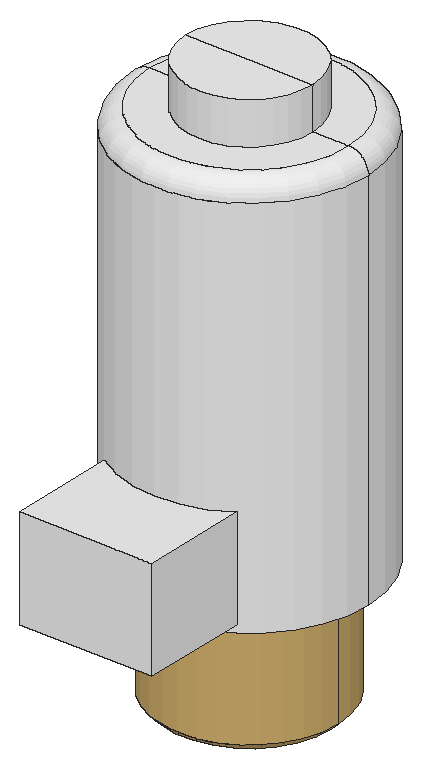
Revit family "Electrical Actuator-JCI_Sapphire_Plus-(70 bar)Novec1230", category Specialty Equipment, Revit 2017
Family settings
  Round Connector Dimension = Use Diameter
  Part Type = Normal
  OmniClass Number = 23.29.33.13.11
  Work Plane-Based = Yes
  Always vertical = Yes
  Cut with Voids When Loaded = No
  Shared = Yes
  Room Calculation Point = No
Parameters (values of type "Actuator Electrical")
  Width = 0.00 mm
  Weight = 0.00 lbf
  URL = "http://www.sapphireplus.com"
  Product Page URL = "http://www.sapphireplus.com"
  Product Material = "JCI-Metal-Brass-Satin; JCI-Metal-Nickel_Plating"  # constant formula
  Product Documentation Link = "http://www.sapphireplus.com"
  Part Number = Model  # "304700001"
  Part Description = Description  # "Electrical Actuator Bridge Rectifier"
  Operating Temperature = 122 °F
  Model Disclaimer = "For More Information Contact JOHNSON CONTROLS"  # constant formula
  Model = "304700001"  # constant formula
  Manufacturer = "Johnson Controls, Inc."  # constant formula
  Height = 0.00 mm
  Fire Suppression Agent = "3M™ Novec™ 1230 Fire Protection Fluid"  # constant formula
  Family Version = "1.0"  # constant formula
  Equipment Number = "XXX"  # constant formula
  Equipment Abbreviation = "EA"  # constant formula
  Description = "Electrical Actuator Bridge Rectifier"  # constant formula
  Default Elevation = 1219.20 mm
  Date Modified = "YYYY/MM/DD"  # constant formula
  Date Created = "2018/10/11"  # constant formula
  Copyright © = "Copyright © 2001-2018 Johnson Controls Inc."  # constant formula
  Assembly Code = "D4090300"
Reference planes
  plane 1 "Center (Front/Back)": y = 0
  plane 2: z = 0
  plane 3 "Center (Left/Right)": x = 0
  plane 4 "Fitting Body Width": x = -23.067
  plane 5 "NPT Width": x = -17.111
  plane 6 "NPT Fitting Top": z = 49.225
  plane 7 "Reference 1": z = 36.326
  plane 8 "Body Height": z = 21.136
  plane 9 "NPT Fitting Bottom": z = 23.091
  plane 10 "Height Bottom": z = -11
  plane 11 "Reference 2": z = 10.653
  plane 12 "Height Offset Top": z = 126
  plane 13 "Height Top": z = 137
  plane 14 "BSP Radius": x = -16.393
  plane 15 "Body Width": x = -30.821
  plane 16 "NPT Fitting Width": x = 17.111
  plane 17 "NPT Fitting": y = -52.969
Forms (mm)
  Revolve 1, solid, material "JCI - Brass - Soft - Yellow - Satin"
    sketch origin (0, 0, 0) x (1, 0, 0) y (0, 0, 1)
      loop
        line (-16.393, -11) -> (-16.393, 0) -> (0, 0) -> (0, 21.136) -> (-23.067, 21.136) -> (-23.067, -9.191) -> (-21.258, -11) -> (-16.393, -11)
      axis (0, 21.136) -> (0, -11)
    angle from 0 to 360
  Revolve 2, solid, material "JCI - Metal - Aluminum - Satin"
    sketch origin (0, 0, 0) x (1, 0, 0) y (0, 0, 1)
      loop
        line (0, 21.136) -> (0, 137) -> (-16.393, 137) -> (-16.393, 126) -> (-25.821, 126)
        arc (-25.821, 126) -> (-29.356, 124.536) -> (-30.821, 121) r 5
        line (-30.821, 121) -> (-30.821, 21.136) -> (0, 21.136)
      axis (0, 137) -> (0, 21.136)
    angle from 0 to 360
  Extrusion 3, solid, material "JCI - Metal - Aluminum - Satin"
    sketch origin (0, 0, 0) x (1, 0, 0) y (0, 0, 1)
      loop
        line (-17.111, 23.091) -> (17.111, 23.091) -> (17.111, 49.225) -> (-17.111, 49.225) -> (-17.111, 23.091)
    from 0 to 52.969
Cuts and joins
  joined: Revolve 2, Extrusion 3
Dimensions and locks
  equal spacing: plane 5 "NPT Width", plane 3 "Center (Left/Right)", plane 16 "NPT Fitting Width"
  locked: plane 13 "Height Top" to plane 12 "Height Offset Top" at 11
  aligned and locked: plane 2 to level
  aligned and locked: Revolve 1 sketch curve to plane 4 "Fitting Body Width"
  aligned and locked: Revolve 1 sketch curve to plane 8 "Body Height"
  aligned and locked: level to Revolve 1 sketch curve
  aligned and locked: plane 10 "Height Bottom" to Revolve 1 sketch curve
  aligned and locked: Revolve 1 sketch curve to plane 3 "Center (Left/Right)"  (x2)
  aligned and locked: plane 14 "BSP Radius" to Revolve 1 sketch curve
  aligned and locked: Revolve 2 sketch curve to plane 3 "Center (Left/Right)"  (x2)
  aligned and locked: Revolve 2 sketch curve to plane 15 "Body Width"
  aligned and locked: Revolve 2 sketch curve to plane 12 "Height Offset Top"
  aligned and locked: Revolve 2 sketch curve to plane 13 "Height Top"
  aligned and locked: plane 8 "Body Height" to Revolve 2 sketch curve
  aligned and locked: plane 9 "NPT Fitting Bottom" to Extrusion 3 sketch curve
  aligned and locked: plane 5 "NPT Width" to Extrusion 3 sketch curve
  aligned and locked: plane 6 "NPT Fitting Top" to Extrusion 3 sketch curve
  aligned and locked: plane 16 "NPT Fitting Width" to Extrusion 3 sketch curve
  aligned and locked: plane 17 "NPT Fitting" to Extrusion 3
  aligned and locked: Extrusion 3 to plane 1 "Center (Front/Back)"
  aligned and locked: Revolve 2 sketch curve to plane 14 "BSP Radius"
Automatic sketch dimensions
  Revolve 1 sketch curve to plane 4 "Fitting Body Width" = 1.809 mm
  plane 10 "Height Bottom" to Revolve 1 sketch curve = 1.809 mm
  Revolve 1 sketch curve to plane 10 "Height Bottom" = 596.957 mm
  plane 13 "Height Top" to Revolve 1 sketch curve = 2477.721 mm
  plane 4 "Fitting Body Width" to Revolve 2 sketch curve = 2.754 mm
  Revolve 2 sketch curve to plane 10 "Height Bottom" = 596.957 mm
  Revolve 2 sketch curve to Revolve 2 sketch curve = 2473.21 mm
